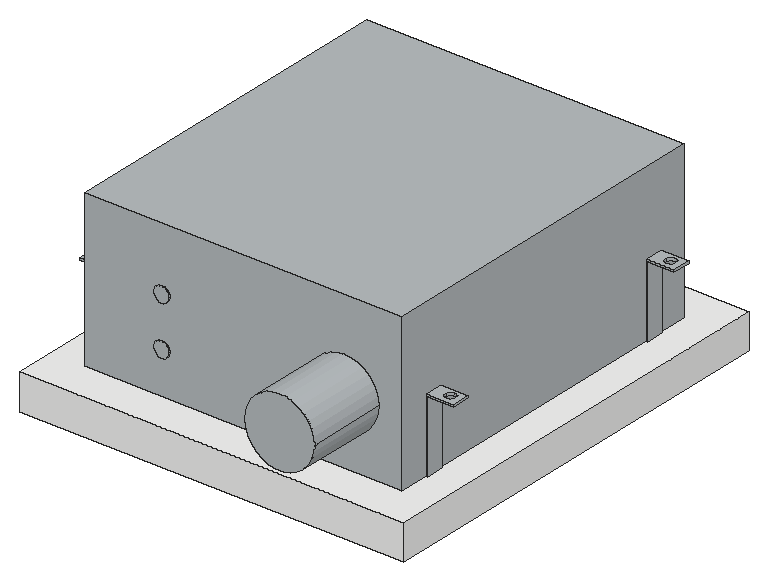
Revit family "v-271bz5-ms_60Hz", category 機械設備, Revit 2019
Family settings
  丸型コネクタ寸法 = 直径を使用
  パーツ タイプ = 標準
  OmniClass 番号 = 23.75.35.17.27
  OmniClass タイトル = Centrifugal Fans
  作業面ベース = いいえ
  常に垂直 = はい
  ロード時にボイドで切り取り = いいえ
  共有 = いいえ
  部屋計算ポイント = はい
Parameters (values of type "V-271BZ5-MS")
  騒音レベル(dB(A)) [instance] = 47.5
  風量 [instance] = 190.0 m³/h
  電源種別 [instance] = ""
  電圧 = 200 V
  電動機出力 = 0 W
  電動機_種別 [instance] = ""
  運転質量 = 0.00 kg
  連動 [instance] = ""
  質量 = if(製品質量 > 運転質量, 製品質量, 運転質量) * 1.2  # 30.60 kg
  負荷分類 = 3_ファン類
  説明 = "バス乾燥・暖房・換気システム ミスト機能付 1部屋用"
  設計風量 [instance] = 0.0 m³/h
  設置方法 = "カセット形"
  記号 [instance] = ""
  製造元 = "三菱電機株式会社"
  製品質量 = 25.50 kg
  製品出荷対象 = "国内"
  製品リリース年月 = "2022年6月1日"
  製品グループ = ""
  給水管_W = 115 mm
  給水管_H = 60 mm
  系統 [instance] = ""
  符号 [instance] = if(☑給気／□排気, "FS", "FE")  # "FE"
  積算_科目 = "2 換気設備"
  積算_拾い区分 [instance] = ""
  相 = 1
  盤記号 [instance] = ""
  発停方法 [instance] = ""
  特殊仕様 [instance] = ""
  点検口離隔 = 350 mm
  点検口_Depth = 450 mm
  点検口 = yes
  火災停止 [instance] = ""
  消費電力 = 2100 W
  法定耐用年数 = "10"
  機外静圧 [instance] = 0.0 Pa
  極数 = 3
  材質 [instance] = ""
  操作・制御方式 = ""
  操作・制御スイッチ = ""
  排気量 [instance] = if(☑給気／□排気, 0.0 m³/h, 設計風量)  # 0.0 m³/h
  形式 = ""
  幹線記号 [instance] = ""
  対象室 [instance] = ""
  実風量 [instance] = 0.0 m³/h
  始動方式 [instance] = "直入"
  天吊金具ピッチ2 = 390 mm
  天吊金具ピッチ1 = 500 mm
  天吊金具_高さ = 101.5 mm
  天吊金具_径 = 15 mm
  外気量 [instance] = if(☑給気／□排気, 設計風量, 0.0 m³/h)  # 0.0 m³/h
  呼称 = "天井扇"
  周波数 = 60 Hz
  参照している仕様書等のバージョン = ""
  加湿給水管径 = 21.7 mm
  分類コード = "50052503100080"
  分類グループ = ""
  価格 = 314900
  企業コード = "108420"
  付属品_防振装置 = ""
  付属品 [instance] = ""
  仕様書バージョン = "Version1.0"
  モデル = "V-271BZ5-MS"
  マテリアル = 亜鉛メッキ鋼板
  ファンの種類 = ""
  ドレン管径 = 21.7 mm
  ドレン管_W = 115 mm
  ドレン管_H = 130 mm
  ダクト径 = 100 mm
  コメント [instance] = ""
  Keynote = ""
  カバーマテリアル = 合成樹脂(白)
  ☑給気／□排気 [instance] = no
  Width = 450 mm
  W2 = 143 mm
  W1 = 544 mm
  Version = ""
  Uniclass2015Version = "Systems v1.9"
  Uniclass2015Title = "Centrifugal fans"
  Uniclass2015Code = "Pr_65_67_29_12"
  URL = "https://www.mitsubishielectric.co.jp/ldg/wink/ssl/displayProduct.do?pid=320494"
  SpecificationReference = ""
  SpecificationDescription = ""
  Revision = ""
  ProductInformation = ""
  OmniClassCode = "23-33 31 19 11 15"
  MIN風量 = 95.0 m³/h
  MIN静圧 = 0.0 Pa
  MID風量 = 0.0 m³/h
  MID静圧 = 0.0 Pa
  MAX風量 = 190.0 m³/h
  MAX静圧 = 0.0 Pa
  IfcTypeProduct = ""
  IfcProduct = ""
  IfcExportType = "PROPELLORAXIAL"
  IfcExportAs = "IfcFanType"
  Height = 220 mm
  H2 = 95.5 mm
  H1 = 50 mm
  EAサイズ_D = 98 mm
  Depth = 500 mm
  D2 = 114 mm
  D1 = 610 mm
  Author = "三菱電機株式会社"
Reference planes
  plane 1 "中心(正面/背面)": y = 0
  plane 2: z = 0
  plane 3 "中心(左/右)": x = 0
  plane 4: x = -272
  plane 5: x = 272
  plane 6: y = 305
  plane 7: y = -305
  plane 8: x = -225
  plane 9: x = 225
  plane 10: y = 250
  plane 11: y = -250
  plane 12: y = -364
  plane 13: z = 220
  plane 14: z = -50
  plane 15: z = 95.5
  plane 16: x = -250
  plane 17: x = 250
  plane 18: y = 195
  plane 19: y = -195
  plane 20: x = 143
  plane 21: x = -575
  plane 22: x = -1025
  plane 23: y = 225
  plane 24: y = -225
  plane 25: x = -228
  plane 26: x = 228
  plane 27: z = 104.5
  plane 28: z = 101.5
  plane 29: x = -115
  plane 30: x = -115
  plane 31: z = 60
  plane 32: z = 130
  plane 33: y = -251
Forms (mm)
  Extrusion 1, solid, material "亜鉛メッキ鋼板" <- "マテリアル", detail levels fine
    sketch origin (0, 0, 0) x (1, 0, 0) y (0, 1, 0)
      loop
        line (-225, 250) -> (-225, -250) -> (225, -250) -> (225, 250) -> (-225, 250)
    from 0 to 220
  Extrusion 2, solid, material "合成樹脂(白)" <- "カバーマテリアル", detail levels fine
    sketch origin (0, 0, 0) x (1, 0, 0) y (0, 1, 0)
      loop
        line (-272, 305) -> (-272, -305) -> (272, -305) -> (272, 305) -> (-272, 305)
    from 0 to -50
  Extrusion 3, solid, material "亜鉛メッキ鋼板" <- "マテリアル", detail levels fine
    sketch origin (0, 0, 0) x (1, 0, 0) y (0, 0, 1)
      loop
        circle (143, 95.5) r 49
    from 250 to 364
  Extrusion 4, solid, material "亜鉛メッキ鋼板" <- "マテリアル", detail levels fine
    sketch origin (0, 0, 0) x (1, 0, 0) y (0, 1, 0)
      loop
        line (-225, -182.5) -> (-265, -182.5) -> (-265, -207.5) -> (-225, -207.5) -> (-225, -182.5)
      loop
        circle (-250, -195) r 7.5
      loop
        line (-225, 207.5) -> (-265, 207.5) -> (-265, 182.5) -> (-225, 182.5) -> (-225, 207.5)
      loop
        line (225, -182.5) -> (225, -207.5) -> (265, -207.5) -> (265, -182.5) -> (225, -182.5)
      loop
        line (225, 207.5) -> (225, 182.5) -> (265, 182.5) -> (265, 207.5) -> (225, 207.5)
      loop
        circle (-250, 195) r 7.5
      loop
        circle (250, 195) r 7.5
      loop
        circle (250, -195) r 7.5
    from 101.5 to 104.5
  Extrusion 5, solid, material "亜鉛メッキ鋼板" <- "マテリアル", detail levels fine
    sketch origin (0, 0, 0) x (1, 0, 0) y (0, 1, 0)
      loop
        line (-228, -182.5) -> (-228, -207.5) -> (-225, -207.5) -> (-225, -182.5) -> (-228, -182.5)
      loop
        line (-228, 207.5) -> (-228, 182.5) -> (-225, 182.5) -> (-225, 207.5) -> (-228, 207.5)
      loop
        line (228, 207.5) -> (225, 207.5) -> (225, 182.5) -> (228, 182.5) -> (228, 207.5)
      loop
        line (228, -182.5) -> (225, -182.5) -> (225, -207.5) -> (228, -207.5) -> (228, -182.5)
    from 0 to 104.5
  Extrusion 6, solid, material "亜鉛メッキ鋼板" <- "マテリアル", detail levels fine
    sketch origin (0, 0, 0) x (1, 0, 0) y (0, 0, 1)
      loop
        circle (-115, 130) r 10.85
      loop
        circle (-115, 60) r 10.85
    from 250 to 251
Cuts and joins
  joined: Extrusion 4, Extrusion 5
Dimensions and locks
  equal spacing: plane 4, plane 3 "中心(左/右)", plane 5
  "W1": plane 4 to plane 5
  equal spacing: plane 6, plane 1 "中心(正面/背面)", plane 7
  "D1": plane 6 to plane 7
  equal spacing: plane 8, plane 3 "中心(左/右)", plane 9
  "Width": plane 8 to plane 9
  equal spacing: plane 10, plane 1 "中心(正面/背面)", plane 11
  "Depth": plane 10 to plane 11
  "D2": plane 11 to plane 12
  "Height": plane 13 to plane 2
  "H2": plane 15 to plane 2
  equal spacing: plane 16, plane 3 "中心(左/右)", plane 17
  "天吊金具ピッチ1": plane 16 to plane 17
  equal spacing: plane 18, plane 1 "中心(正面/背面)", plane 19
  "天吊金具ピッチ2": plane 18 to plane 19
  "H1": plane 2 to plane 14
  "W2": plane 20 to plane 3 "中心(左/右)"
  "点検口_Depth": plane 23 to plane 24
  equal spacing: plane 23, plane 1 "中心(正面/背面)", plane 24
  "点検口_Depth": plane 22 to plane 21
  "点検口離隔": plane 21 to plane 8
  Extrusion 4 sketch curve to Extrusion 4 sketch curve = 25 mm  (x4)
  equal spacing: Extrusion 4 sketch curve, plane 19, Extrusion 4 sketch curve  (x2)
  Extrusion 4 sketch curve to plane 16 = 15 mm  (x2)
  equal spacing: Extrusion 4 sketch curve, plane 18, Extrusion 4 sketch curve  (x2)
  plane 17 to Extrusion 4 sketch curve = 15 mm  (x2)
  plane 9 to plane 26 = 3 mm
  plane 25 to plane 8 = 3 mm
  plane 27 to plane 28 = 3 mm
  "ドレン管_W": plane 3 "中心(左/右)" to plane 29
  "給水管_W": plane 3 "中心(左/右)" to plane 30
  "給水管_H": plane 31 to level
  "ドレン管_H": plane 32 to level
  locked: plane 11 to plane 33 at 1
  "天吊金具_高さ": plane 28 to level
  "天吊金具_径": diameter of Extrusion 4 sketch curve  (x4)
  "EAサイズ_D": diameter of Extrusion 3 sketch curve
  "ドレン管径": diameter of Extrusion 6 sketch curve
  "加湿給水管径": diameter of Extrusion 6 sketch curve
  aligned and locked: level to plane 2
  aligned and locked: plane 5 to Extrusion 2
  aligned and locked: plane 6 to Extrusion 2
  aligned and locked: Extrusion 2 to plane 4
  aligned and locked: Extrusion 2 to plane 7
  aligned and locked: plane 9 to Extrusion 1
  aligned and locked: Extrusion 1 to plane 11
  aligned and locked: Extrusion 1 to plane 8
  aligned and locked: plane 10 to Extrusion 1
  aligned and locked: plane 13 to Extrusion 1
  aligned and locked: Extrusion 2 to plane 14
  aligned and locked: level to Extrusion 2
  aligned and locked: Extrusion 1 to level
  aligned and locked: Extrusion 3 to plane 12
  aligned and locked: plane 11 to Extrusion 3
  aligned and locked: nested 2 to plane 16
  aligned and locked: nested 2 to plane 17
  aligned and locked: nested 2 to plane 19
  aligned and locked: nested 2 to plane 18
  aligned and locked: plane 21 to nested 3
  aligned and locked: plane 22 to nested 3
  aligned and locked: plane 24 to nested 3
  aligned and locked: plane 23 to nested 3
  aligned and locked: plane 8 to Extrusion 4 sketch curve
  aligned and locked: plane 9 to Extrusion 4 sketch curve  (x2)
  aligned and locked: Extrusion 5 sketch curve to Extrusion 4  (x10)
  aligned and locked: plane 25 to Extrusion 5 sketch curve  (x2)
  aligned and locked: Extrusion 4 to Extrusion 5 sketch curve  (x2)
  aligned and locked: plane 26 to Extrusion 5 sketch curve  (x2)
  aligned and locked: plane 27 to Extrusion 4
  aligned and locked: Extrusion 4 to plane 28
  aligned and locked: plane 27 to Extrusion 5
  aligned and locked: Extrusion 5 to plane 2
  aligned and locked: Extrusion 6 to plane 33
  aligned and locked: plane 11 to Extrusion 6
Automatic sketch dimensions
  Extrusion 1 sketch curve to plane 8 = 0 mm
  Extrusion 1 sketch curve to plane 9 = 0 mm
  Extrusion 1 sketch curve to plane 11 = 0 mm
  Extrusion 1 sketch curve to plane 10 = 0 mm
  Extrusion 2 sketch curve to plane 4 = 0 mm
  Extrusion 2 sketch curve to plane 5 = 0 mm
  Extrusion 2 sketch curve to plane 7 = 0 mm
  Extrusion 2 sketch curve to plane 6 = 0 mm
  Extrusion 4 sketch curve to plane 16 = 0 mm  (x2)
  Extrusion 4 sketch curve to plane 8 = 0 mm
  Extrusion 4 sketch curve to plane 17 = 0 mm  (x2)
  Extrusion 4 sketch curve to plane 19 = 0 mm  (x2)
  Extrusion 4 sketch curve to plane 18 = 0 mm  (x2)
  Extrusion 3 sketch curve to plane 15 = 0 mm
  Extrusion 3 sketch curve to plane 20 = 0 mm
  Extrusion 6 sketch curve to plane 29 = 0 mm
  Extrusion 6 sketch curve to plane 30 = 0 mm
  Extrusion 6 sketch curve to plane 31 = 0 mm
  Extrusion 6 sketch curve to plane 32 = 0 mm
Nested families
  nested 1: "記号_天井換気扇_平面" at (0, 0, 0), type "記号_天井換気扇_平面", detail levels coarse+medium
  nested 2: "固定点" at (-250, -195, 0), type "固定点"
    with W 500 mm, D 390 mm
  nested 3: "点検口設置範囲" at (-800, 0, 0), visible <- "点検口", type "点検口設置範囲"
    with Width 450 mm, Depth 450 mm
Connectors
  hvac at (143, -364, 95.5), driven by "ダクト径", driven by "風量", driven by "機外静圧"
    settings: on Extrusion 3, index 1, duct flow 190.0 m³/h, flow factor 0, pres drop 0.0 Pa, loss coef 0, conn angle 0.00°, conn width 304.8 mm, conn height 304.8 mm, conn diameter 100 mm, duct sys type 3, conn prof type 0, flow config 0, flow direction 2, loss method 4, conn ref index -1, conn util no, is conn primary yes, conn desc ""
  electrical at (0, 0, 220), driven by "極数", driven by "負荷分類", driven by "電圧", driven by "消費電力"
    settings: on Extrusion 1, index 6, voltage 200 V, apparent load 2100 VA, apparent load phase1 0 VA, apparent load phase2 0 VA, apparent load phase3 0 VA, power factor 1, load classification "3_ファン類", number of poles 3, system type 30, power factor state 1, is connector primary yes, connector utility no, sub classification motor no, connector description ""
  piping at (-115, -251, 130), diameter 21.7, driven by "ドレン管径"
    settings: on Extrusion 6, index 8, connector inside diameter 609.6 mm, connector length 0 mm, flow factor 0, pipe flow 0.0 L/s, pressure drop 0.0 Pa, fitting loss kfactor 0, connector angle 0.00°, fixture units 0, engagement length 0 mm, angle of deflection 0.00°, flow configuration 0, flow direction 2, fitting loss method 4, system type 16, joint type 0, gender type 0, connector reference index -1, connector utility 0, adjustable connector no, is connector primary yes, connector description ""
  piping at (-115, -251, 60), diameter 21.7, driven by "加湿給水管径"
    settings: on Extrusion 6, index 9, connector inside diameter 609.6 mm, connector length 0 mm, flow factor 0, pipe flow 0.0 L/s, pressure drop 0.0 Pa, fitting loss kfactor 0, connector angle 0.00°, fixture units 0, engagement length 0 mm, angle of deflection 0.00°, flow configuration 0, flow direction 1, fitting loss method 4, system type 20, joint type 0, gender type 0, connector reference index -1, connector utility 0, adjustable connector no, is connector primary no, connector description ""
Definition of nested family "記号_天井換気扇_平面"
  Reference planes
    plane 1: y = 0
    plane 2: x = 0
  Lines and regions (mm)
    detail lines
      curve 1: line (-2.5, 2.5, 0) -> (2.5, 2.5, 0)
      curve 2: line (-2.5, -2.5, 0) -> (-2.5, 2.5, 0)
      curve 3: line (2.5, -2.5, 0) -> (-2.5, -2.5, 0)
      curve 4: line (2.5, 2.5, 0) -> (2.5, -2.5, 0)
      curve 5: circle (-1.04, -1.04, 0) r 1.46 normal (0, 0, 1)
      curve 6: circle (1.04, 1.04, 0) r 1.46 normal (0, 0, 1)
      curve 7: line (-3.125, 3.125, 0) -> (3.125, 3.125, 0)
      curve 8: line (-3.125, -3.125, 0) -> (-3.125, 3.125, 0)
      curve 9: line (3.125, -3.125, 0) -> (-3.125, -3.125, 0)
      curve 10: line (3.125, 3.125, 0) -> (3.125, -3.125, 0)
      curve 11: circle (1.295, 1.295, 0) r 1.83 normal (0, 0, 1)
      curve 12: circle (-1.295, -1.295, 0) r 1.83 normal (0, 0, 1)
      curve 13: line (-2, 2, 0) -> (2, 2, 0)
      curve 14: line (-2, -2, 0) -> (-2, 2, 0)
      curve 15: line (2, -2, 0) -> (-2, -2, 0)
      curve 16: line (2, 2, 0) -> (2, -2, 0)
      curve 17: circle (0.84, 0.84, 0) r 1.16 normal (0, 0, 1)
      curve 18: circle (-0.84, -0.84, 0) r 1.2 normal (0, 0, 1)
Definition of nested family "固定点"
  Parameters (values of type "固定点")
    中心円 = 20 mm
    W [instance] = 1000 mm
    D [instance] = 1000 mm
  Reference planes
    plane 1 "中心(正面/背面)": y = 0
    plane 2: z = 0
    plane 3 "中心(左/右)": x = 0
    plane 4: x = 1000
    plane 5: y = 1000
  Lines and regions (mm)
    symbolic lines, detail levels fine
      curve 1: circle (0, 1000, 0) r 10 normal (0, 0, 1)
      curve 2: circle (0, 0, 0) r 10 normal (0, 0, 1)
      curve 3: circle (1000, 1000, 0) r 10 normal (0, 0, 1)
      curve 4: circle (1000, 0, 0) r 10 normal (0, 0, 1)
      curve 5: line (-200, 1000, 0) -> (1200, 1000, 0)
      curve 6: line (-200, 0, 0) -> (1200, 0, 0)
      curve 7: line (0, 1200, 0) -> (0, -200, 0)
      curve 8: line (1000, 1200, 0) -> (1000, -200, 0)
  Dimensions and locks
    "W": plane 3 "中心(左/右)" to plane 4
    "D": plane 1 "中心(正面/背面)" to plane 5
    "中心円": diameter of curve 1
    "中心円": diameter of curve 2
    "中心円": diameter of curve 3
    "中心円": diameter of curve 4
    aligned and locked: level to plane 2
    aligned and locked: plane 5 to curve 1
    aligned and locked: plane 3 "中心(左/右)" to curve 1
    aligned and locked: plane 3 "中心(左/右)" to curve 2
    aligned and locked: plane 1 "中心(正面/背面)" to curve 2
    aligned and locked: plane 4 to curve 3
    aligned and locked: plane 5 to curve 3
    aligned and locked: plane 1 "中心(正面/背面)" to curve 4
    aligned and locked: plane 4 to curve 4
    aligned and locked: plane 1 "中心(正面/背面)" to curve 6
    aligned and locked: curve 7 to plane 3 "中心(左/右)"
    aligned and locked: curve 8 to plane 4
  Automatic sketch dimensions
    curve 5 to plane 5 = 0 mm
    curve 6 to plane 3 "中心(左/右)" = 200 mm
    curve 5 to plane 3 "中心(左/右)" = 200 mm
    curve 4 to curve 6 = 200 mm
    curve 3 to curve 5 = 200 mm
    plane 1 "中心(正面/背面)" to curve 8 = 200 mm
    plane 1 "中心(正面/背面)" to curve 7 = 200 mm
    curve 3 to curve 8 = 200 mm
    curve 1 to curve 7 = 200 mm
Definition of nested family "点検口設置範囲"
  Parameters (values of type "点検口設置範囲")
    Width [instance] = 1000 mm
    Depth [instance] = 700 mm
  Reference planes
    plane 1 "中心(正面/背面)": y = 0
    plane 2: z = 0
    plane 3 "中心(左/右)": x = 0
    plane 4: x = -500
    plane 5: x = 500
    plane 6: y = -350
    plane 7: y = 350
  Lines and regions (mm)
    model lines
      curve 1: line (-500, 350, 0) -> (500, 350, 0)
      curve 2: line (-500, -350, 0) -> (-500, 350, 0)
      curve 3: line (500, -350, 0) -> (-500, -350, 0)
      curve 4: line (500, 350, 0) -> (500, -350, 0)
  Dimensions and locks
    "Depth": plane 7 to plane 6
    "Width": plane 4 to plane 5
    equal spacing: plane 7, plane 1 "中心(正面/背面)", plane 6
    equal spacing: plane 4, plane 3 "中心(左/右)", plane 5
    aligned and locked: level to plane 2
    aligned and locked: plane 4 to curve 2
    aligned and locked: curve 1 to plane 7
    aligned and locked: curve 4 to plane 5
    aligned and locked: plane 6 to curve 3
